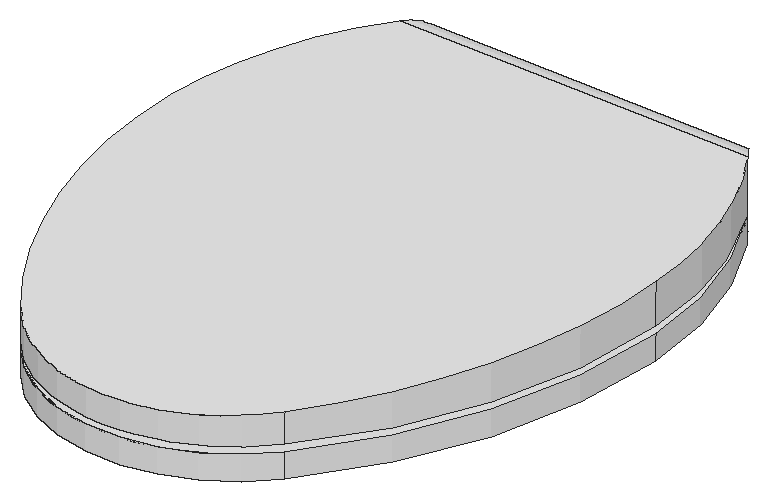
Revit family "rba-bim-rba8186-100", category Plumbing Fixtures, Revit 2018
Family settings
  Round Connector Dimension = Use Diameter
  Part Type = Normal
  Work Plane-Based = No
  Always vertical = Yes
  Cut with Voids When Loaded = No
  Shared = No
  Room Calculation Point = No
Parameters (values of type "RBA8186-100")
  URL = "www.rba.com.au"
  Phone Number = ""
  Modified Issue = "20220228.01"
  Model Line = yes
  Materials and Finishes = White Solid Plastic, Stainless Steel #304 Hinges
  Model = "RBA8186-100"
  Manufacturer = "Bemis Commercial"
  Description = "Commercial Heavy-Duty Plastic Toilet Seat"
  Copyright by = "RBA Group"  # constant formula
Reference planes
  plane 1 "Center (Front/Back)": y = 0
  plane 2: z = 0
  plane 3 "Center (Left/Right)": x = 0
  plane 4: y = -480
  plane 5: x = -177.5
  plane 6: x = 177.5
  plane 7: y = 0
  plane 8: y = -15
  plane 9: z = 60
  plane 10: x = -70
  plane 11: x = 70
  plane 12: y = -90
  plane 13: y = -400
  plane 14: x = -177.5
  plane 15: x = 102.5
  plane 16: x = -102.5
Forms (mm)
  Extrusion 1, solid, material "White Solid Plastic, Stainless Steel #304 Hinges" <- "Materials and Finishes"
    sketch origin (0, -10, 0) x (0, 1, 0) y (0, 0, 1)
      loop
        line (-470, 7) -> (-5, 7) -> (-5, 25) -> (-470, 25) -> (-470, 7)
    from -190 to 190
  Extrusion 2, void
    sketch origin (0, 148.886, -245) x (0, 1, 0) y (-1, 0, 0)
      loop
        arc (-340.557, 102.496) -> (-442.112, 85.128) -> (-532.124, 35) r 305.601
        arc (-532.124, 35) -> (-548.886, 0) -> (-532.124, -35) r 44.921
        arc (-532.124, -35) -> (-442.112, -85.128) -> (-340.557, -102.496) r 305.601
        arc (-340.557, -102.496) -> (-238.061, 0) -> (-340.557, 102.496) r 102.496
    from 245 to 293
  Extrusion 3, void
    sketch origin (500, 140, -245) x (0, 1, 0) y (-1, 0, 0)
      loop
        arc (-573.386, 597.331) -> (-620, 500) -> (-573.386, 402.669) r 124.921
        arc (-573.386, 402.669) -> (-459.766, 340.763) -> (-331.671, 322.5) r 364.111
        arc (-331.671, 322.5) -> (-226.533, 348.163) -> (-140, 413.161) r 269.181
        line (-140, 413.161) -> (-140, 586.839)
        arc (-140, 586.839) -> (-226.533, 651.837) -> (-331.671, 677.5) r 269.181
        arc (-331.671, 677.5) -> (-459.766, 659.237) -> (-573.386, 597.331) r 364.111
      loop
        line (-670, 272.5) -> (-105, 272.5) -> (-105, 727.5) -> (-670, 727.5) -> (-670, 272.5)
    from 245 to 345
  Revolve 4, solid, material "White Solid Plastic, Stainless Steel #304 Hinges" <- "Materials and Finishes"
    sketch origin (140.125, 170, 0) x (0, 1, 0) y (0, 0, 1)
      loop
        line (-375, 7) -> (-380.5, 7) -> (-380, 0) -> (-375, 0) -> (-375, 7)
      axis (-375, 0) -> (-375, 7)
    angle from 0 to 360
  Revolve 5, solid, material "White Solid Plastic, Stainless Steel #304 Hinges" <- "Materials and Finishes"
    sketch origin (85.292, -5, 0) x (0, 1, 0) y (0, 0, 1)
      loop
        line (-375, 7) -> (-380.5, 7) -> (-380, 0) -> (-375, 0) -> (-375, 7)
      axis (-375, 0) -> (-375, 7)
    angle from 0 to 360
  Revolve 6, solid, material "White Solid Plastic, Stainless Steel #304 Hinges" <- "Materials and Finishes"
    sketch origin (-140.125, 170, 0) x (0, 1, 0) y (0, 0, -1)
      loop
        line (-375, -7) -> (-375, 0) -> (-380, 0) -> (-380.5, -7) -> (-375, -7)
      axis (-375, 0) -> (-375, -7)
    angle from 0 to 360
  Revolve 7, solid, material "White Solid Plastic, Stainless Steel #304 Hinges" <- "Materials and Finishes"
    sketch origin (-85.292, -5, 0) x (0, 1, 0) y (0, 0, -1)
      loop
        line (-375, -7) -> (-375, 0) -> (-380, 0) -> (-380.5, -7) -> (-375, -7)
      axis (-375, 0) -> (-375, -7)
    angle from 0 to 360
  Extrusion 8, solid, material "White Solid Plastic, Stainless Steel #304 Hinges" <- "Materials and Finishes"
    sketch origin (0, 0, 0) x (0, 1, 0) y (0, 0, 1)
      loop
        line (-480, 30) -> (-69.497, 30)
        arc (-69.497, 30) -> (-65.671, 29.239) -> (-62.426, 27.071) r 10
        line (-62.426, 27.071) -> (-47.071, 11.716)
        arc (-47.071, 11.716) -> (-43.827, 9.548) -> (-40, 8.787) r 10
        line (-40, 8.787) -> (-16.283, 8.787)
        arc (-16.283, 8.787) -> (-11.781, 11.48) -> (-11.283, 16.702) r 5.811
        line (-11.283, 16.702) -> (-21.794, 43.547)
        arc (-21.794, 43.547) -> (-31.3, 55.485) -> (-45.88, 59.99) r 25.877
        arc (-45.88, 59.99) -> (-263.007, 57.36) -> (-480, 49.312) r 8699.388
        line (-480, 49.312) -> (-480, 30)
    from -199.581 to 196.907
Cuts and joins
  Extrusion 2, Extrusion 3 cuts Extrusion 1
  joined: Extrusion 1, Revolve 4, Revolve 5, Revolve 6, Revolve 7
  Extrusion 3 cuts Extrusion 8
Lines and regions (mm)
  model lines, not visible
    curve 1: circle (70, 0, 0) r 10 normal (0, 0, 1)
    curve 2: circle (-70, 0, 0) r 10 normal (0, 0, 1)
